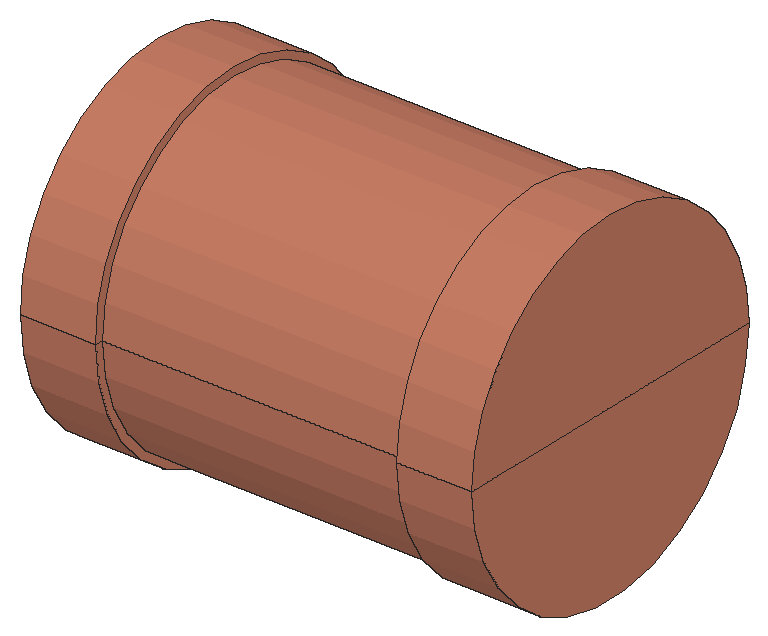
Revit family "RepairCoupling-B-PressXL-Water-Gas-Conex-65-100mm", category Pipe Fittings, Revit 2019
Family settings
  Round Connector Dimension = Use Diameter
  Part Type = Union
  OmniClass Number = 23.60.30.11.14
  OmniClass Title = Pipework Fittings
  Work Plane-Based = No
  Always vertical = Yes
  Cut with Voids When Loaded = No
  Shared = No
Parameters (values of type "Water")
  Z [instance] = size_lookup(Lookup Table Name, "Z", L / 20, NominalDiameter)  # 0.00 mm
  WorkingFluidSelector = 2
  WorkingFluid [instance] = if(WorkingFluidSelector = 1, "Gas", if(WorkingFluidSelector = 2, "Water", "WorkingFluid NA"))  # "Water"
  Uniformat IIElements = "TBC"
  URL = "http://www.conexbanninger.com.au/products/b-press-fittings#t=b-press-xl"
  Type Comments = "TBC"
  SerialNumber [instance] = ""
  SealRingLength [instance] = L / 6  # 24.00 mm
  RingRadius [instance] = Z / 2  # 0.00 mm
  ProductCode [instance] = if(and(NominalDiameter = 65.00 mm, WorkingFluidSelector = 1), "405130", if(and(NominalDiameter = 80.00 mm, WorkingFluidSelector = 1), "405131", if(and(NominalDiameter = 100.00 mm, WorkingFluidSelector = 1), "405132", if(and(NominalDiameter = 65.00 mm, WorkingFluidSelector = 2), "405121", if(and(NominalDiameter = 80.00 mm, WorkingFluidSelector = 2), "405122", if(and(NominalDiameter = 100.00 mm, WorkingFluidSelector = 2), "405123", "ProductCode NA"))))))  # "405123"
  OmniclassProducts = "TBC"
  NominalDiameter [instance] = 100.00 mm
  NATSPECWorkSection = "TBC"
  ModifiedIssue_ANZRS = 20161220.54  # constant formula
  Model Version = "2015"
  Model Status [instance] = ""
  Model Specification = "BMA"
  Model = "Repair Coupling"  # constant formula
  Material = Copper
  Mark [instance] = ""
  Manufacturer = "Conex | Bänninger"  # constant formula
  Loss Method = Not Defined
  Lookup Table Name = "RepairCoupling-B-PressXL-Water-Gas-Conex-65-100mm"
  L [instance] = size_lookup(Lookup Table Name, "L", NominalDiameter * 1.5, NominalDiameter)  # 144.00 mm
  K Coefficient Table = "Reducer/Coupling/Union/Increaser"
  built-in parameter 1114238 [instance] = not(0.00 mm < size_lookup(Lookup Table Name, "L", 0.00 mm, NominalDiameter))  # (empty or 0)
  FittingOutsideDiameter [instance] = NominalDiameter * 1.1  # 110.00 mm
  FinalHHWFlow [instance] = 0.0 L/s
  Description = ">B< Press XL has only two internal parts, the grip ring and the seal. Both parts have an internal diameter larger than the tube, which allows for easy tube insertion and pre press leak indication."  # constant formula
  CustomFitting [instance] = not(0.00 mm < size_lookup(Lookup Table Name, "L", 0.00 mm, NominalDiameter))  # no
  CreatedBy_ANZRS = "A2K Technologies"  # constant formula
  CreatedByURL_ANZRS = "http://www.bimmepaus.com.au/"
  Assembly Code = "D2090800"
Types (2, lengths in mm): name | WorkingFluidSelector | WorkingFluid | ProductCode
  Water | 2 | "Water" | "405123"
  Gas | 1 | "Gas" | "405132"
Reference planes
  plane 1 "Center (Front/Back)": y = 0
  plane 2: z = 0
  plane 3 "Center (Left/Right)": x = 0
  plane 4 "Right": x = 72
  plane 5 "Left": x = -72
  plane 6: y = 55
  plane 7: y = -55
  plane 8: x = -48
  plane 9: x = 48
  plane 10: y = 50
  plane 11: y = -50
  plane 12: y = 52.5
  plane 13: x = 0
  plane 14: x = 0
Forms (mm)
  Revolve 1, solid, material "Copper" <- "Material", detail levels fine
    sketch origin (0, 0, 0) x (1, 0, 0) y (0, 1, 0)
      loop
        line (-72, 55) -> (-72, 0) -> (72, 0) -> (72, 55) -> (48, 55) -> (48, 52.5) -> (-48, 52.5) -> (-48, 55) -> (-72, 55)
      axis (-72, 0) -> (72, 0)
    angle from 0 to 360
Lines and regions (mm)
  model lines, detail levels coarse+medium
    curve 1: line (-72, 50, 0) -> (0, 50, 0)
    curve 2: line (0, -50, 0) -> (-72, -50, 0)
    curve 3: line (0, 50, 0) -> (0, -50, 0)
    curve 4: line (0, 50, 0) -> (72, 50, 0)
    curve 5: line (72, -50, 0) -> (0, -50, 0)
Dimensions and locks
  "L": plane 5 "Left" to plane 4 "Right"
  equal spacing: plane 5 "Left", plane 3 "Center (Left/Right)", plane 4 "Right"
  equal spacing: plane 6, plane 1 "Center (Front/Back)", plane 7
  "FittingOutsideDiameter": plane 6 to plane 7
  "SealRingLength": plane 9 to plane 4 "Right"
  "SealRingLength": plane 5 "Left" to plane 8
  equal spacing: plane 10, plane 1 "Center (Front/Back)", plane 11
  "NominalDiameter": plane 10 to plane 11
  equal spacing: plane 6, plane 12, plane 10
  equal spacing: plane 13, plane 3 "Center (Left/Right)", plane 14
  "Z": plane 13 to plane 14
  locked: connector elem to plane 2 at 0
  locked: connector elem to plane 1 "Center (Front/Back)"  (x2)
  locked: connector elem to plane 2
  aligned and locked: plane 2 to level
  aligned and locked: Revolve 1 sketch curve to plane 1 "Center (Front/Back)"
  aligned and locked: Revolve 1 sketch curve to plane 8
  aligned and locked: Revolve 1 sketch curve to plane 6  (x2)
  aligned and locked: Revolve 1 sketch curve to plane 5 "Left"
  aligned and locked: plane 1 "Center (Front/Back)" to Revolve 1 sketch curve
  aligned and locked: plane 9 to Revolve 1 sketch curve
  aligned and locked: Revolve 1 sketch curve to plane 4 "Right"
  aligned and locked: Revolve 1 sketch curve to plane 12
  aligned and locked: curve 1 to plane 10
  aligned and locked: plane 11 to curve 2
  aligned and locked: curve 3 to plane 13
  aligned and locked: plane 5 "Left" to curve 1
  aligned and locked: plane 5 "Left" to curve 2
  aligned and locked: curve 4 to plane 10
  aligned and locked: curve 5 to plane 11
  aligned and locked: plane 4 "Right" to curve 4
  aligned and locked: plane 4 "Right" to curve 5
Automatic sketch dimensions
  Revolve 1 sketch curve to Revolve 1 sketch curve = 40.00 mm
  Revolve 1 sketch curve to Revolve 1 sketch curve = 50.00 mm
Connectors
  piping at (0, 0, 0), diameter 100, driven by "NominalDiameter"
    settings: on plane 13, index 1, connector inside diameter 609.6 mm, connector length 0.00 mm, flow factor 0, pipe flow 0.0 L/s, pressure drop 0.0 Pa, fitting loss kfactor 0, connector angle 0.00°, fixture units 0, engagement length 0.00 mm, angle of deflection 0.00°, flow configuration 0, flow direction 0, fitting loss method 0, system type 28, joint type 0, gender type 0, connector reference index 2, connector utility 0, adjustable connector no, is connector primary yes, connector description ""
  piping at (0, 0, 0), diameter 100, driven by "NominalDiameter"
    settings: on plane 14, index 2, connector inside diameter 609.6 mm, connector length 0.00 mm, flow factor 0, pipe flow 0.0 L/s, pressure drop 0.0 Pa, fitting loss kfactor 0, connector angle 0.00°, fixture units 0, engagement length 0.00 mm, angle of deflection 0.00°, flow configuration 0, flow direction 0, fitting loss method 0, system type 28, joint type 0, gender type 0, connector reference index 1, connector utility 0, adjustable connector no, is connector primary no, connector description ""
